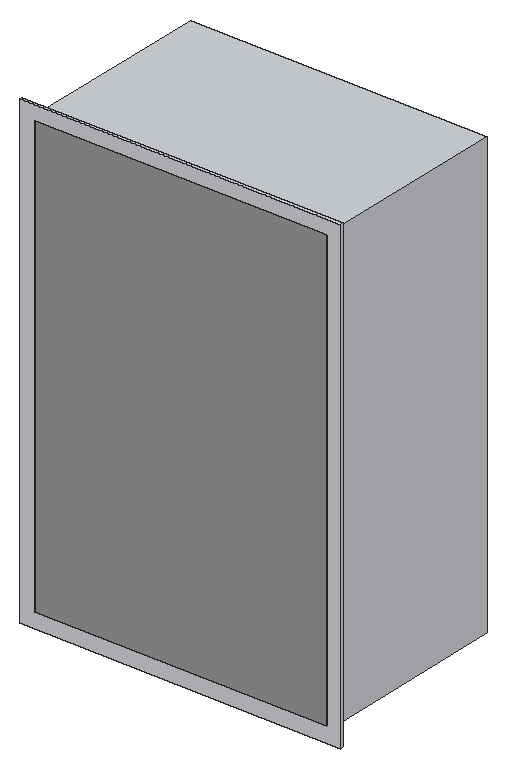
Revit family "MS-P-1", category Mechanical Equipment, Revit 2015
Parameters
  URL = "https://unitedenertech.com/catalog/pdf/K_4%20MS-P-1.pdf"
  Type Comments = "Consult Factory for Max. Sizes"
  Model = "MS-P-1"
  Manufacturer = "United Enertech Corporation"
  Length (16" Standard) = 1' - 4"
  Keynote = "1-1/2\" x 1-1/2\" x 1/4\" Angles Ship Loose"
  Exact Width = 2' - 0"
  Exact Height = 3' - 0"
  Description = "Maximum Security"
Reference planes (in)
  plane 1 "Center (Front/Back)": y = 0
  plane 2: z = 0
  plane 3 "Center (Left/Right)": x = 0
  plane 4: y = 0.1875
  plane 5: y = 16
  plane 6: x = -12
  plane 7: x = 12
  plane 8: z = 18
  plane 9: z = -18
  plane 10: x = -11.8125
  plane 11: z = 17.8125
  plane 12: x = -13
  plane 13: z = 19
  plane 14: x = 11.8125
  plane 15: x = 13
  plane 16: z = -17.8125
  plane 17: z = -19
Forms (in)
  Extrusion 1, solid
    sketch origin (0, 0, 0) x (1, 0, 0) y (0, 0, 1)
      loop
        line (-12, -18) -> (12, -18) -> (12, 18) -> (-12, 18) -> (-12, -18)
      loop
        line (-11.8125, -17.8125) -> (11.8125, -17.8125) -> (11.8125, 17.8125) -> (-11.8125, 17.8125) -> (-11.8125, -17.8125)
    from -16 to -0.1875
  Extrusion 2, solid
    sketch origin (0, 0, 0) x (1, 0, 0) y (0, 0, 1)
      loop
        line (-13, -19) -> (13, -19) -> (13, 19) -> (-13, 19) -> (-13, -19)
      loop
        line (-11.8125, -17.8125) -> (11.8125, -17.8125) -> (11.8125, 17.8125) -> (-11.8125, 17.8125) -> (-11.8125, -17.8125)
    from -0.1875 to 0
  Extrusion 3, solid, material "Steel"
    sketch origin (0, 0, 0) x (1, 0, 0) y (0, 0, 1)
      loop
        line (-11.8125, -17.8125) -> (11.8125, -17.8125) -> (11.8125, 17.8125) -> (-11.8125, 17.8125) -> (-11.8125, -17.8125)
    from -0.1875 to 0
Dimensions and locks (in)
  locked: plane 1 "Center (Front/Back)" to plane 4 at 0.1875
  "Length (16" Standard)": plane 1 "Center (Front/Back)" to plane 5
  equal spacing: plane 6, plane 3 "Center (Left/Right)", plane 7
  "Exact Width": plane 6 to plane 7
  equal spacing: plane 8, level, plane 9
  "Exact Height": plane 8 to plane 9
  locked: plane 6 to plane 12 at 1
  locked: plane 6 to plane 10 at 0.1875
  locked: plane 14 to plane 7 at 0.1875
  locked: plane 7 to plane 15 at 1
  locked: plane 8 to plane 11 at 0.1875
  locked: plane 13 to plane 8 at 1
  locked: plane 16 to plane 9 at 0.1875
  locked: plane 9 to plane 17 at 1
  aligned and locked: level to plane 2
  aligned and locked: plane 6 to Extrusion 1 sketch curve
  aligned and locked: plane 8 to Extrusion 1 sketch curve
  aligned and locked: Extrusion 1 sketch curve to plane 7
  aligned and locked: Extrusion 1 sketch curve to plane 9
  aligned and locked: plane 16 to Extrusion 1 sketch curve
  aligned and locked: Extrusion 1 sketch curve to plane 10
  aligned and locked: Extrusion 1 sketch curve to plane 14
  aligned and locked: plane 11 to Extrusion 1 sketch curve
  aligned and locked: plane 5 to Extrusion 1
  aligned and locked: Extrusion 1 to plane 4
  aligned and locked: Extrusion 2 sketch curve to plane 12
  aligned and locked: plane 13 to Extrusion 2 sketch curve
  aligned and locked: Extrusion 2 sketch curve to plane 15
  aligned and locked: plane 17 to Extrusion 2 sketch curve
  aligned and locked: plane 16 to Extrusion 2 sketch curve
  aligned and locked: Extrusion 2 sketch curve to plane 10
  aligned and locked: Extrusion 2 sketch curve to plane 14
  aligned and locked: plane 11 to Extrusion 2 sketch curve
  aligned and locked: plane 4 to Extrusion 2
  aligned and locked: plane 1 "Center (Front/Back)" to Extrusion 2
  aligned and locked: plane 11 to Extrusion 3 sketch curve
  aligned and locked: Extrusion 3 sketch curve to plane 14
  aligned and locked: Extrusion 3 sketch curve to plane 10
  aligned and locked: plane 16 to Extrusion 3 sketch curve
  aligned and locked: plane 4 to Extrusion 3
  aligned and locked: plane 1 "Center (Front/Back)" to Extrusion 3
